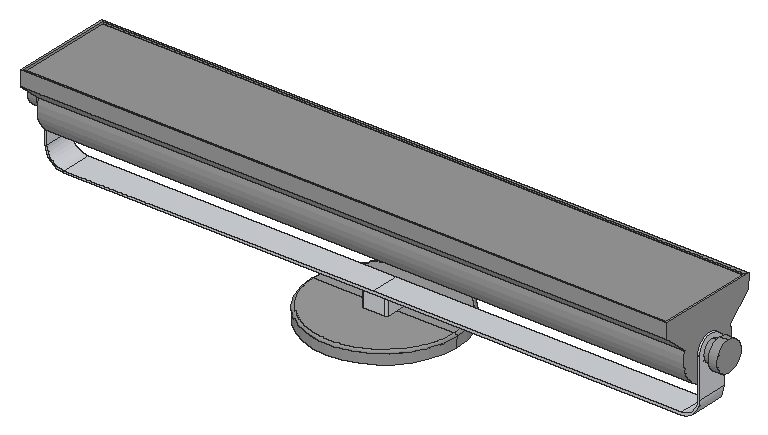
Revit family "Alcon-13126-12-RM-Revit-Family", category Generic Models, host Face, Revit 2025
Family settings
  Host = Face
  Can host rebar = No
  Round Connector Dimension = Use Diameter
  Part Type = Normal
  Cut with Voids When Loaded = No
  Maintain Annotation Orientation = No
  Shared = No
  Room Calculation Point = No
Parameters
  URL = "https://www.alconlighting.com/?srsltid=AfmBOooDPhGQ0dEP-X2PMtxFfvvWpIAEL4jCll_O2F4_to5onvhnBomy"
  Product Page URL = "https://www.alconlighting.com/13126-20.html"
  Model = "13126-20"
  Manufacturer = "ALCON Lighter"
  Housing = Default
  Fixture Rotation = 90.00°
  Default Elevation = 4' - 0"
Reference planes (in)
  plane 1 "Center (Front/Back)": y = 0
  plane 2: z = 0
  plane 3 "Center (Left/Right)": x = 0
  plane 4: z = 2.21166
Forms (in)
  Extrusion 1, solid
    sketch origin (0, 0.03835, 2.57633) x (1, 0, 0) y (0, 0, -1)
      loop
        line (0, 1.64916) -> (9.0625, 1.64916)
        arc (9.0625, 1.64916) -> (9.41605, 1.50272) -> (9.5625, 1.14916) r 0.5
        line (9.5625, 1.14916) -> (9.5625, -0.50555) -> (9.625, -0.50555) -> (9.625, 1.14824)
        arc (9.625, 1.14824) -> (9.45998, 1.54664) -> (9.06158, 1.71166) r 0.56342
        line (9.06158, 1.71166) -> (0, 1.71166) -> (-9.06158, 1.71166)
        arc (-9.06158, 1.71166) -> (-9.45998, 1.54664) -> (-9.625, 1.14824) r 0.56342
        line (-9.625, 1.14824) -> (-9.625, -0.50546) -> (-9.5625, -0.50546) -> (-9.5625, 1.14916)
        arc (-9.5625, 1.14916) -> (-9.41605, 1.50272) -> (-9.0625, 1.64916) r 0.5
        line (-9.0625, 1.64916) -> (0, 1.64916)
    from -0.47585 to 0.39915
  Extrusion 2, solid
    sketch origin (0, 0, 0.86467) x (-1, 0, 0) y (0, 1, 0)
      loop
        arc (-0.375, -0.3125) -> (-0.35669, -0.35669) -> (-0.3125, -0.375) r 0.0625
        line (-0.3125, -0.375) -> (0.3125, -0.375)
        arc (0.3125, -0.375) -> (0.35669, -0.35669) -> (0.375, -0.3125) r 0.0625
        line (0.375, -0.3125) -> (0.375, 0.3125)
        arc (0.375, 0.3125) -> (0.35669, 0.35669) -> (0.3125, 0.375) r 0.0625
        line (0.3125, 0.375) -> (-0.3125, 0.375)
        arc (-0.3125, 0.375) -> (-0.35669, 0.35669) -> (-0.375, 0.3125) r 0.0625
        line (-0.375, 0.3125) -> (-0.375, -0.3125)
    from 0 to 0.5
  Extrusion 3, void
    sketch origin (0, 0, 0.36467) x (0, -1, 0) y (0, 0, 1)
      loop
        arc (-0.4375, 2.21166) -> (0, 2.64916) -> (0.4375, 2.21166) r 0.4375
        line (0.4375, 2.21166) -> (0.4375, 0.3496) -> (0.5625, 0.3496) -> (0.5625, 2.77416) -> (-0.5625, 2.77416) -> (-0.5625, 0.3496) -> (-0.4375, 0.3496) -> (-0.4375, 2.21166)
    from -10.67075 to 10.71715
  Revolve 4, solid, material "Default" <- "Housing"
    sketch origin (0, 0, 0) x (1, 0, 0) y (0, 0, 1)
      loop
        line (0, 0) -> (2.14067, 0) -> (2.14067, 0.29309)
        arc (2.14067, 0.29309) -> (2.11968, 0.34376) -> (2.069, 0.36475) r 0.07166
        line (2.069, 0.36475) -> (0, 0.36475) -> (0, 0)
      axis (0, 0) -> (0, 0.36475)
    angle from 0 to 360
Cuts and joins
  Extrusion 3 cuts Extrusion 1
Dimensions and locks (in)
  "Fixture Rotation": angle nested 1 to plane 4
  aligned and locked: plane 2 to host face
  aligned and locked: level to host face
Automatic sketch dimensions
  host sketch curve to host sketch curve = 8' - 0"  (x2)
  Extrusion 1 sketch curve to plane 3 "Center (Left/Right)" = 0' - 0"  (x2)
  level to Extrusion 1 sketch curve = 0' - 0.86467"
  Extrusion 1 sketch curve to plane 3 "Center (Left/Right)" = 0' - 9.06158"
  Extrusion 1 sketch curve to Extrusion 1 sketch curve = 0' - 0.00092"  (x3)
  Extrusion 1 sketch curve to Extrusion 1 sketch curve = 0' - 0 1/2"
  Extrusion 1 sketch curve to Extrusion 1 sketch curve = 0' - 0 1/16"  (x2)
  level to Extrusion 1 sketch curve = 0' - 1.4281"
  plane 3 "Center (Left/Right)" to Extrusion 1 sketch curve = 0' - 9.06158"
  Extrusion 1 sketch curve to plane 4 = 0' - 0.87014"
  Extrusion 1 sketch curve to plane 4 = 0' - 0.87022"
  plane 3 "Center (Left/Right)" to Extrusion 2 sketch curve = 0' - 0 3/8"
  Extrusion 2 sketch curve to Extrusion 2 sketch curve = 0' - 0 1/16"  (x3)
  Extrusion 2 sketch curve to plane 3 "Center (Left/Right)" = 0' - 0 5/16"  (x2)
  Extrusion 2 sketch curve to plane 1 "Center (Front/Back)" = 0' - 0 3/8"
  plane 1 "Center (Front/Back)" to Extrusion 2 sketch curve = 0' - 0 5/16"
  Extrusion 3 sketch curve to plane 4 = 0' - 0.36467"
  Extrusion 3 sketch curve to plane 1 "Center (Front/Back)" = 0' - 0"
  Extrusion 3 sketch curve to plane 1 "Center (Front/Back)" = 0' - 0 7/16"
  Extrusion 3 sketch curve to Extrusion 3 sketch curve = 0' - 0 1/8"
  plane 1 "Center (Front/Back)" to Extrusion 3 sketch curve = 0' - 0 9/16"
  level to Extrusion 3 sketch curve = 0' - 0.71427"  (x2)
  Extrusion 3 sketch curve to plane 4 = 0' - 0.92717"
  Revolve 4 sketch curve to level = 0' - 0"  (x2)
  Revolve 4 sketch curve to plane 3 "Center (Left/Right)" = 0' - 0"  (x2)
  level to Revolve 4 sketch curve = 0' - 0.29309"
  plane 3 "Center (Left/Right)" to Revolve 4 sketch curve = 0' - 2.069"
  Revolve 4 sketch curve to Revolve 4 sketch curve = 0' - 0.07166"
  plane 4 to Revolve 4 sketch curve = 0' - 0.21166"
Nested families (in)
  nested 1: "Alcon - 13126-20 Box_" at (0, 0, 2.57633) x (0, 0, -1) z (1, 0, 0), type "Alcon - 13126-20 Box_"
    with built-in parameter 1001306 0.03898 (stored number, unit not read)
Definition of nested family "Alcon - 13126-20 Box_"
  Parameters (values of type "Alcon - 13126-20 Box_")
    Wattage = 9.2903 W
    built-in parameter 1150110 = 1 (stored number, unit not read)
    built-in parameter 1114217 = 1 (stored number, unit not read)
    Tilt Angle = 60.00°
    built-in parameter 1150109 = 1 (stored number, unit not read)
    built-in parameter 1150134 = 3
    built-in parameter 1150113 = 1 (stored number, unit not read)
    built-in parameter 1010507 = 1.5708 (stored number, unit not read)
    built-in parameter 1010506 = 0.5236 (stored number, unit not read)
    built-in parameter 1150105 = 4614.1 (stored number, unit not read)
    Lumens = 1380 lm
    built-in parameter 1150115 = 1 (stored number, unit not read)
    Light Source Symbol Length = 10' - 0"
    built-in parameter 1150137 = (empty or 0)
    built-in parameter 1150139 = (empty or 0)
    built-in parameter 1001306 [instance] = 4' - 0"
    built-in parameter 1150112 = 1 (stored number, unit not read)
    built-in parameter 1150114 = 1 (stored number, unit not read)
    built-in parameter 1150132 = (empty or 0)
    built-in parameter 1150102 = (empty or 0)
    built-in parameter 1150107 = 3200 (stored number, unit not read)
    built-in parameter 1150138 = (empty or 0)
    built-in parameter 1150106 = 46.141 (stored number, unit not read)
    Glass Frosted = none
    built-in parameter 1150104 = 13.8 (stored number, unit not read)
    Dimming Lamp Color Temperature Shift = (empty or 0)
    Default Elevation = 0' - 0"
    Color Filter = 16777215
    Body = none
    built-in parameter 1114218 = 1 (stored number, unit not read)
    built-in parameter 1150133 = 10 (stored number, unit not read)
  Reference planes (in)
    plane 1 "Center (Front/Back)": y = 0
    plane 2: z = 0
    plane 3 "Left": x = 0
    plane 4 "Right": x = 48
  Forms (in)
    Extrusion 1, solid, material <- "Body"
      sketch origin (0, -0.82692, 2.54268) x (0, -1, 0) y (1, 0, 0)
        loop
          line (0.67308, -1.3125) -> (0.67308, -0.875) -> (0, -0.28606)
          arc (0, -0.28606) -> (-0.82692, 0.875) -> (-1.65384, -0.28606) r 0.875
          line (-1.65384, -0.28606) -> (-2.32692, -0.875) -> (-2.32692, -1.3125) -> (0.67308, -1.3125)
      from -12.04268 to 6.95732
    Extrusion 2, void
      sketch origin (0, 0, 0) x (1, 0, 0) y (0, 1, 0)
        loop
          line (-1.375, 1.4375) -> (-1.375, -1.4375) -> (-0.90336, -1.4375) -> (-0.30463, -0.75323) -> (-0.30463, 0.75323) -> (-0.90336, 1.4375) -> (-1.375, 1.4375)
      from -9.4375 to 9.4375
    Extrusion 3, solid, material <- "Glass Frosted"
      sketch origin (0, 0, 0) x (0, 1, 0) y (0, 0, 1)
        loop
          line (1.4375, 9.4375) -> (-1.4375, 9.4375) -> (-1.4375, -9.4375) -> (1.4375, -9.4375) -> (1.4375, 9.4375)
      from -1.26766 to -1.2223
    Extrusion 4, solid, material <- "Body"
      sketch origin (0, 0, 0) x (1, 0, 0) y (0, 1, 0)
        loop
          circle (0, 0) r 0.4375
      from -10.125 to 10.125
    Extrusion 5, void
      sketch origin (0, 0, 0) x (1, 0, 0) y (0, 1, 0)
        loop
          circle (0, 0) r 0.4375
        loop
          circle (0, 0) r 0.3125
      from -9.875 to 9.875
  Cuts and joins
    Extrusion 2 cuts Extrusion 1
    Extrusion 5 cuts Extrusion 4
  Lines and regions (in)
    reference lines
      curve 1: line (0, 0, 0) -> (48, 0, 0)
    model lines
      curve 2: line (0, 0, 0) -> (-13.25, 0, 0)
      curve 3: line (0, 0, 0) -> (-13.25, 0, 0)
      curve 4: line (0, 0, 0) -> (-13.25, 0, 0)
  Dimensions and locks (in)
    "built-in parameter 1001306": plane 3 "Left" to plane 4 "Right"
    cut or joined group of Extrusion 1, Extrusion 2 to Extrusion 3 = 1' - 6 15/16"
    aligned and locked: plane 4 "Right" to curve 1
    aligned and locked: plane 1 "Center (Front/Back)" to curve 1
    aligned and locked: plane 3 "Left" to curve 1
    aligned and locked: level to plane 2
  Automatic sketch dimensions
    Extrusion 1 sketch curve to Extrusion 1 sketch curve = 0' - 0.67308"  (x2)
    Extrusion 1 sketch curve to Extrusion 1 sketch curve = 0' - 0.82692"
    Extrusion 1 sketch curve to Extrusion 1 sketch curve = 0' - 0 7/16"
    plane 1 "Center (Front/Back)" to Extrusion 1 sketch curve = 0' - 0"
    Extrusion 1 sketch curve to plane 3 "Left" = 0' - 0"
    Extrusion 1 sketch curve to plane 3 "Left" = 0' - 0.28606"
    plane 1 "Center (Front/Back)" to Extrusion 1 sketch curve = 0' - 0.82692"
    Extrusion 1 sketch curve to plane 3 "Left" = 0' - 0 7/8"  (x2)
    Extrusion 2 sketch curve to plane 3 "Left" = 0' - 0.30463"
    Extrusion 2 sketch curve to plane 3 "Left" = 0' - 0.90336"  (x2)
    Extrusion 2 sketch curve to Extrusion 2 sketch curve = 0' - 0.47164"
    plane 1 "Center (Front/Back)" to Extrusion 2 sketch curve = 0' - 0.75323"
    Extrusion 2 sketch curve to Extrusion 2 sketch curve = 0' - 0.68427"  (x2)
    Extrusion 2 sketch curve to plane 1 "Center (Front/Back)" = 0' - 0.75323"
    Extrusion 3 sketch curve to plane 1 "Center (Front/Back)" = 0' - 1 7/16"
    level to Extrusion 3 sketch curve = 0' - 9 7/16"
    plane 1 "Center (Front/Back)" to Extrusion 3 sketch curve = 0' - 1 7/16"
    Extrusion 3 sketch curve to level = 0' - 9 7/16"
    plane 1 "Center (Front/Back)" to curve 2 = 0' - 0"
    curve 2 to plane 3 "Left" = 0' - 0"
    curve 2 to curve 2 = 1' - 1 1/4"
    plane 1 "Center (Front/Back)" to Extrusion 4 sketch curve = 0' - 0"
    Extrusion 4 sketch curve to plane 3 "Left" = 0' - 0"
    curve 3 to plane 3 "Left" = 0' - 0"
    plane 1 "Center (Front/Back)" to Extrusion 5 sketch curve = 0' - 0"
    Extrusion 5 sketch curve to plane 3 "Left" = 0' - 0"
    Extrusion 5 sketch curve to Extrusion 5 sketch curve = 0' - 0 7/16"
    Extrusion 5 sketch curve to Extrusion 5 sketch curve = 0' - 0"  (x2)
    Extrusion 5 sketch curve to Extrusion 5 sketch curve = 0' - 0 1/8"
    plane 1 "Center (Front/Back)" to curve 3 = 0' - 0"
    curve 3 to curve 2 = 0' - 0"
    curve 4 to plane 3 "Left" = 0' - 0"
    plane 1 "Center (Front/Back)" to curve 4 = 0' - 0"
    curve 4 to curve 3 = 0' - 0"
    radius of Extrusion 4 sketch curve = 0' - 0 7/16"
